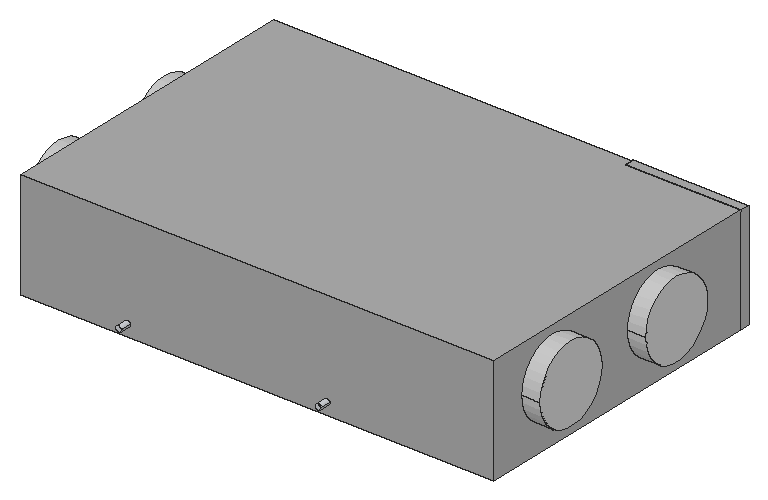
Revit family "BLAUBERG-KOMFORT_EC_DBE_550_Left", category Mechanical Equipment, Revit 2019
Family settings
  Round Connector Dimension = Use Diameter
  Classification = None
  Part Type = Normal
  OmniClass Number = 23.75.35.14
  OmniClass Title = Air Handling Units
  Work Plane-Based = No
  Always vertical = Yes
  Cut with Voids When Loaded = No
  Shared = No
  Room Calculation Point = No
Parameters (values of type "KOMFORT EC DBE 550 L S21")
  Weight = 67.00 kg
  LDrainCon = 28 mm
  Heater power = 2000 W
  Maximum Unit Power Without Electric Heater = 297 W
  Maximum Unit Current Without Electric Heater = 2.4 A
  Maximum Unit Current With Electric Heater = 11.1 A
  Heat Exchanger Material = "polystyrene"
  LDuctCon = 50 mm  # constant formula
  HDrainCon = 31 mm
  H = 280 mm
  Front Maintenance Zone Width = H  # 280 mm
  Front Maintenance Zone Length = L  # 1238 mm
  ElBoxB1 = 22 mm
  ElBoxB = 24 mm
  ElBoxL = 302 mm
  DrainPipe = yes
  DrainD = if(Drain Connection Diameter = 0 mm, 1 mm, Drain Connection Diameter)  # 14 mm
  Drain Flow [instance] = 0.0 L/s
  Drain Connection Diameter = 14 mm
  LDrainCon2 = 437 mm
  LDrainCon1 = 280 mm
  DPS_H = 170 mm
  DPS_L2 = 410 mm
  DPS_L1 = 145 mm
  B2 = 188 mm
  Air Flow Factor [instance] = 1  # constant formula
  B1 = 295 mm
  Air Flow Exhaust [instance] = 0 m³/h
  L = 1238 mm
  Voltage = 230 V
  URL = "https://blaubergventilatoren.de/en/product/komfort-ec-dbe-550-l-s21"
  Type Comments = "Air Handling Unit KOMFORT EC DBE 550 L S21"
  Transported Air Temperature (°C) = "-25…+40"
  Supply Air Filter = "G4 (F7 option)"
  Sound Pressure Level at 3 m (dBA) = 30
  SEC Class = "A"
  RPM (min-1) = 3100
  Power Factor = 1
  Power = Maximum Unit Power Without Electric Heater + Heater power  # 2297 W
  Number of Poles = 1
  Model = "KOMFORT EC DBE 550 L S21"
  Maximum Air Flow = 620 m³/h
  Manufacturer = "Blauberg"
  Maintenance Zone Material = Maintenance Zone
  Front Maintenance Zone Height = 850 mm
  Maintenance Zone [instance] = no
  Load Classification = HVAC
  B = 828 mm
  Heat recovery efficiency (%) = "78..90"
  Heat Exchanger Type = "counter-flow"
  H1 = 118 mm
  Metal Material = Metal Zinc
  Family Version = "1.0"  # constant formula
  Extract Air Filter = "G4"
  Duct Connection Diameter = 200 mm
  Description = "Air Handling Unit"
  D = Duct Connection Diameter  # 200 mm
  Current = Maximum Unit Current With Electric Heater  # 11.1 A
  Copyright = "©Blauberg"
  Casing Material = Painted Steel Gray
  Apparent Power [instance] = Power / Power Factor  # 2297 VA
  Air Flow Supply [instance] = 0 m³/h
Types (2, lengths in mm): name | Heat Exchanger Material | DrainPipe | DrainD | Drain Connection Diameter | URL | Type Comments | Model | Heat recovery efficiency (%)
  KOMFORT EC DBE 550 L S21 | "polystyrene" | yes | 14 | 14 | "https://blaubergventilatoren.de/en/product/komfort-ec-dbe-550-l-s21" | "Air Handling Unit KOMFORT EC DBE 550 L S21" | "KOMFORT EC DBE 550 L S21" | "78..90"
  KOMFORT EC DBE 550-E L S21 | "enthalpy" | no | 1 | 0 | "https://blaubergventilatoren.de/en/product/komfort-ec-dbe-550-e-l-s21" | "Air Handling Unit KOMFORT EC DBE 550-E L S21" | "KOMFORT EC DBE 550-E L S21" | "69..87"
Reference planes
  plane 1 "Center (Front/Back)": y = 0
  plane 2: z = 0
  plane 3 "Center (Left/Right)": x = 0
  plane 4 "Back": y = 414
  plane 5 "Front": y = -414
  plane 6 "L": x = -619
  plane 7 "R": x = 619
  plane 8 "DuctConB2": y = 119
  plane 9 "DuctConB1": y = -226
  plane 10: x = -669
  plane 11: x = 669
  plane 12 "Top": z = 118
  plane 13 "Bottom": z = -162
  plane 14 "DrainConH": z = -131
  plane 15 "DrainConL1": x = -339
  plane 16 "DrainConL2": x = 182
  plane 17 "S": y = -442
  plane 18 "ElBox": y = 392
  plane 19: y = 416
  plane 20: x = 317
  plane 21 "DPSL1": x = 209
  plane 22 "DPSL2": x = -474
  plane 23: z = -52
Forms (mm)
  Extrusion 1, solid, material "Painted Steel Gray" <- "Casing Material", detail levels medium+fine
    sketch origin (0, 0, 0) x (1, 0, 0) y (0, 1, 0)
      loop
        line (-619, 414) -> (-619, -414) -> (619, -414) -> (619, 392) -> (317, 392) -> (317, 414) -> (-619, 414)
    from -162 to 118
  Extrusion 2, solid, material "Metal Zinc" <- "Metal Material", detail levels medium+fine
    sketch origin (-619, 0, 0) x (0, 1, 0) y (0, 0, 1)
      loop
        circle (119, 0) r 100
      loop
        circle (-226, 0) r 100
    from 0 to -50
  Extrusion 3, solid, material "Metal Zinc" <- "Metal Material", detail levels medium+fine
    sketch origin (619, 0, 0) x (0, 1, 0) y (0, 0, 1)
      loop
        circle (119, 0) r 100
      loop
        circle (-226, 0) r 100
    from 0 to 50
  Extrusion 4, solid, visible <- "DrainPipe", detail levels medium+fine
    sketch origin (0, -414, 0) x (-1, 0, 0) y (0, 0, 1)
      loop
        circle (339, -131) r 7
    from 0 to -28
  Extrusion 5, solid, visible <- "DrainPipe", detail levels medium+fine
    sketch origin (0, -414, 0) x (-1, 0, 0) y (0, 0, 1)
      loop
        circle (-182, -131) r 7
    from 0 to -28
  Extrusion 6, solid, material "Painted Steel Gray" <- "Casing Material", detail levels medium+fine
    sketch origin (0, 0, 0) x (1, 0, 0) y (0, 1, 0)
      loop
        line (317, 416) -> (317, 392) -> (619, 392) -> (619, 416) -> (317, 416)
    from -162 to 118
Lines and regions (mm)
  model lines, detail levels coarse
    curve 1: line (-619, 414, 0) -> (619, 414, 0)
    curve 2: line (-619, -414, 0) -> (-619, 414, 0)
    curve 3: line (619, -414, 0) -> (-619, -414, 0)
    curve 4: line (619, 414, 0) -> (619, -414, 0)
    curve 5: line (-619, 119, 0) -> (-669, 119, 0)
    curve 6: line (-619, -226, 0) -> (-669, -226, 0)
    curve 7: line (619, -226, 0) -> (669, -226, 0)
    curve 8: line (619, 119, 0) -> (669, 119, 0)
Dimensions and locks
  equal spacing: plane 6 "L", plane 3 "Center (Left/Right)", plane 7 "R"
  "L": plane 6 "L" to plane 7 "R"
  equal spacing: plane 4 "Back", plane 1 "Center (Front/Back)", plane 5 "Front"
  "B": plane 4 "Back" to plane 5 "Front"
  "B1": plane 4 "Back" to plane 8 "DuctConB2"
  "B2": plane 9 "DuctConB1" to plane 5 "Front"
  "LDuctCon": plane 10 to plane 6 "L"
  "LDuctCon": plane 7 "R" to plane 11
  "H1": plane 12 "Top" to level
  "H": plane 12 "Top" to plane 13 "Bottom"
  "HDrainCon": plane 14 "DrainConH" to plane 13 "Bottom"
  "LDrainCon1": plane 6 "L" to plane 15 "DrainConL1"
  "LDrainCon2": plane 16 "DrainConL2" to plane 7 "R"
  "LDrainCon": plane 5 "Front" to plane 17 "S"
  "ElBoxB": plane 19 to plane 18 "ElBox"
  "ElBoxL": plane 20 to plane 7 "R"
  "DPS_L1": plane 6 "L" to plane 22 "DPSL2"
  "DPS_L2": plane 21 "DPSL1" to plane 7 "R"
  "DPS_H": plane 12 "Top" to plane 23
  "ElBoxB1": plane 4 "Back" to plane 18 "ElBox"
  "D": diameter of Extrusion 2 sketch curve  (x2)
  "D": diameter of Extrusion 3 sketch curve  (x2)
  "DrainD": diameter of Extrusion 4 sketch curve
  "DrainD": diameter of Extrusion 5 sketch curve
  aligned and locked: level to plane 2
  aligned and locked: Extrusion 1 sketch curve to plane 4 "Back"
  aligned and locked: plane 6 "L" to Extrusion 1 sketch curve
  aligned and locked: plane 5 "Front" to Extrusion 1 sketch curve
  aligned and locked: Extrusion 1 sketch curve to plane 7 "R"
  aligned and locked: plane 12 "Top" to Extrusion 1
  aligned and locked: Extrusion 1 to plane 13 "Bottom"
  aligned and locked: plane 11 to Extrusion 3
  aligned and locked: Extrusion 2 to plane 10
  aligned and locked: Extrusion 4 to plane 17 "S"
  aligned and locked: Extrusion 5 to plane 17 "S"
  aligned and locked: Extrusion 6 sketch curve to plane 19
  aligned and locked: plane 18 "ElBox" to Extrusion 6 sketch curve
  aligned and locked: Extrusion 6 sketch curve to plane 7 "R"
  aligned and locked: plane 12 "Top" to Extrusion 6
  aligned and locked: Extrusion 6 to plane 13 "Bottom"
  aligned and locked: plane 20 to Extrusion 6 sketch curve
  aligned and locked: plane 20 to Extrusion 1 sketch curve
  aligned and locked: plane 18 "ElBox" to Extrusion 1 sketch curve
  aligned and locked: nested 1 to plane 21 "DPSL1"
  aligned and locked: nested 1 to plane 23
  aligned and locked: nested 2 to plane 23
  aligned and locked: nested 2 to plane 22 "DPSL2"
  aligned and locked: nested 3 to plane 3 "Center (Left/Right)"
  aligned and locked: plane 12 "Top" to nested 3
  aligned and locked: curve 1 to nested 3
  aligned and locked: curve 3 to Extrusion 1
  aligned and locked: curve 4 to Extrusion 1
  aligned and locked: plane 10 to curve 5
  aligned and locked: plane 6 "L" to curve 5
  aligned and locked: plane 8 "DuctConB2" to curve 5
  aligned and locked: plane 10 to curve 6
  aligned and locked: plane 6 "L" to curve 6
  aligned and locked: plane 9 "DuctConB1" to curve 6
  aligned and locked: plane 11 to curve 7
  aligned and locked: plane 7 "R" to curve 7
  aligned and locked: curve 7 to plane 9 "DuctConB1"
  aligned and locked: plane 11 to curve 8
  aligned and locked: curve 8 to plane 8 "DuctConB2"
Automatic sketch dimensions
  Extrusion 2 sketch curve to level = 0 mm  (x2)
  Extrusion 2 sketch curve to plane 9 "DuctConB1" = 0 mm
  Extrusion 2 sketch curve to plane 8 "DuctConB2" = 0 mm
  Extrusion 3 sketch curve to level = 0 mm  (x2)
  Extrusion 3 sketch curve to plane 9 "DuctConB1" = 0 mm
  Extrusion 3 sketch curve to plane 8 "DuctConB2" = 0 mm
  Extrusion 4 sketch curve to plane 14 "DrainConH" = 0 mm
  Extrusion 4 sketch curve to plane 15 "DrainConL1" = 0 mm
  Extrusion 5 sketch curve to plane 14 "DrainConH" = 0 mm
  Extrusion 5 sketch curve to plane 16 "DrainConL2" = 0 mm
Nested families
  nested 1: "DPS" at (209, 414, -52) x (-1, 0, 0) z (0, 1, 0), type "DPS", detail levels medium+fine
  nested 2: "DPS" at (-474, 414, -52) x (-1, 0, 0) z (0, 1, 0), type "DPS", detail levels medium+fine
  nested 3: "MaintenanceZone_Rect" at (0, 414, -22) x (-1, 0, 0) z (0, -1, 0), visible <- "Maintenance Zone", type "Side", detail levels medium+fine
    with Maintenance Zone Width 280 mm, Maintenance Zone Length 1238 mm, Maintenance Zone Height 850 mm
Connectors
  electrical at (619, 404, -22), driven by "Number of Poles", driven by "Load Classification", driven by "Voltage", driven by "Apparent Power", driven by "Power Factor"
    settings: on Extrusion 6, index 1, voltage 230 V, apparent load 2297 VA, apparent load phase1 0 VA, apparent load phase2 0 VA, apparent load phase3 0 VA, power factor 1, load classification "HVAC", number of poles 1, system type 30, power factor state 1, is connector primary yes, connector utility no, sub classification motor no, connector description ""
  hvac at (669, -226, 0), driven by "Duct Connection Diameter", driven by "Air Flow Supply"
    settings: on Extrusion 3, index 2, duct flow 0 m³/h, flow factor 0, pres drop 0.0 Pa, loss coef 0, conn angle 0.00°, conn width 304.8 mm, conn height 304.8 mm, conn diameter 200 mm, duct sys type 1, conn prof type 0, flow config 0, flow direction 2, loss method 0, conn ref index -1, conn util no, is conn primary yes, conn desc "Supply Air"
  hvac at (669, 119, 0), driven by "Duct Connection Diameter", driven by "Air Flow Exhaust"
    settings: on Extrusion 3, index 3, duct flow 0 m³/h, flow factor 0, pres drop 0.0 Pa, loss coef 0, conn angle 0.00°, conn width 304.8 mm, conn height 304.8 mm, conn diameter 200 mm, duct sys type 3, conn prof type 0, flow config 0, flow direction 1, loss method 0, conn ref index -1, conn util no, is conn primary no, conn desc "Extract Air"
  hvac at (-669, 119, 0), driven by "Duct Connection Diameter", driven by "Air Flow Supply"
    settings: on Extrusion 2, index 4, duct flow 0 m³/h, flow factor 0, pres drop 0.0 Pa, loss coef 0, conn angle 0.00°, conn width 304.8 mm, conn height 304.8 mm, conn diameter 200 mm, duct sys type 1, conn prof type 0, flow config 1, flow direction 1, loss method 0, conn ref index -1, conn util no, is conn primary no, conn desc "Intake Air"
  hvac at (-669, -226, 0), driven by "Duct Connection Diameter", driven by "Air Flow Exhaust"
    settings: on Extrusion 2, index 5, duct flow 0 m³/h, flow factor 0, pres drop 0.0 Pa, loss coef 0, conn angle 0.00°, conn width 304.8 mm, conn height 304.8 mm, conn diameter 200 mm, duct sys type 3, conn prof type 0, flow config 1, flow direction 2, loss method 0, conn ref index -1, conn util no, is conn primary no, conn desc "Exhaust Air"
  piping at (-339, -442, -131), diameter 14, driven by "Drain Connection Diameter", driven by "Drain Flow"
    settings: on Extrusion 4, index 6, connector inside diameter 609.6 mm, connector length 0 mm, flow factor 0, pipe flow 0.0 L/s, pressure drop 0.0 Pa, fitting loss kfactor 0, connector angle 0.00°, fixture units 0, engagement length 0 mm, angle of deflection 0.00°, flow configuration 1, flow direction 2, fitting loss method 0, system type 16, joint type 0, gender type 0, connector reference index -1, connector utility 0, adjustable connector no, is connector primary yes, connector description ""
  piping at (182, -442, -131), diameter 14, driven by "Drain Connection Diameter", driven by "Drain Flow"
    settings: on Extrusion 5, index 7, connector inside diameter 609.6 mm, connector length 0 mm, flow factor 0, pipe flow 0.0 L/s, pressure drop 0.0 Pa, fitting loss kfactor 0, connector angle 0.00°, fixture units 0, engagement length 0 mm, angle of deflection 0.00°, flow configuration 1, flow direction 2, fitting loss method 0, system type 16, joint type 0, gender type 0, connector reference index -1, connector utility 0, adjustable connector no, is connector primary no, connector description ""
Definition of nested family "DPS"
  Parameters (values of type "DPS")
    W1 = 65 mm
    Thikness = 2 mm
    Material = none
    H1 = 47 mm
    Default Elevation = 1219.2 mm
  Reference planes
    plane 1 "Center (Front/Back)": y = 0
    plane 2: z = 0
    plane 3 "Center (Left/Right)": x = 0
    plane 4: z = 47
    plane 5: z = 51.5
    plane 6: z = 75.5
    plane 7: z = 78
    plane 8: z = 92
    plane 9: z = 86
    plane 10: x = -32.5
    plane 11: x = 32.5
    plane 12 "1": y = 50
    plane 13: y = 48
    plane 14: z = 45
    plane 15 "2": y = -22
    plane 16: z = 64
  Forms (mm)
    Revolve 1, solid, material <- "Material"
      sketch origin (0, 0, 0) x (1, 0, 0) y (0, 0, 1)
        loop
          line (-40.5, 47) -> (0, 47) -> (0, 92) -> (-31, 92) -> (-35, 86) -> (-35, 78) -> (-37.309, 78) -> (-37.309, 75.5) -> (-36, 75.5) -> (-36, 51.5) -> (-40.5, 51.5) -> (-40.5, 47)
        axis (0, 92) -> (0, 47)
      angle from 0 to 360
    Extrusion 2, solid, material <- "Material"
      sketch origin (0, 0, 0) x (0, 1, 0) y (0, 0, 1)
        loop
          line (50, 0) -> (50, 47) -> (0, 47) -> (0, 45) -> (48, 45) -> (48, 0) -> (50, 0)
      from -32.5 to 32.5
    Extrusion 3, solid, material <- "Material"
      sketch origin (0, 0, 0) x (0, 1, 0) y (0, 0, 1)
        loop
          circle (-22, 64) r 10
      from 0 to 50
  Cuts and joins
    joined: Revolve 1, Extrusion 3
  Dimensions and locks
    locked: plane 5 to plane 4 at 4.5
    locked: plane 6 to plane 5 at 24
    locked: plane 7 to plane 6 at 2.5
    locked: plane 8 to plane 9 at 6
    locked: plane 9 to plane 7 at 8
    "H1": plane 4 to level
    equal spacing: plane 11, plane 3 "Center (Left/Right)", plane 10
    "W1": plane 11 to plane 10
    "Thikness": plane 4 to plane 14
    "Thikness": plane 12 "1" to plane 13
    locked: plane 1 "Center (Front/Back)" to plane 12 "1" at 50
    locked: plane 15 "2" to plane 1 "Center (Front/Back)" at 22
    plane 16 to plane 4 = 17 mm
    aligned and locked: level to plane 2
    aligned and locked: Revolve 1 sketch curve to plane 3 "Center (Left/Right)"  (x2)
    aligned and locked: plane 6 to Revolve 1 sketch curve
    aligned and locked: plane 7 to Revolve 1 sketch curve
    aligned and locked: plane 5 to Revolve 1 sketch curve
    aligned and locked: plane 8 to Revolve 1 sketch curve
    aligned and locked: Extrusion 2 sketch curve to plane 13
    aligned and locked: plane 14 to Extrusion 2 sketch curve
    aligned and locked: Extrusion 2 sketch curve to plane 1 "Center (Front/Back)"
    aligned and locked: Extrusion 2 to plane 10
    aligned and locked: plane 11 to Extrusion 2
  Automatic sketch dimensions
    Revolve 1 sketch curve to plane 4 = 0 mm
    Revolve 1 sketch curve to plane 9 = 0 mm
    Revolve 1 sketch curve to plane 3 "Center (Left/Right)" = 31 mm
    Revolve 1 sketch curve to Revolve 1 sketch curve = 4 mm
    Revolve 1 sketch curve to Revolve 1 sketch curve = 1 mm
    Revolve 1 sketch curve to Revolve 1 sketch curve = 1.309 mm
    Revolve 1 sketch curve to Revolve 1 sketch curve = 4.5 mm
    Revolve 1 sketch curve to Revolve 1 sketch curve = 27.818 mm
    Revolve 1 sketch curve to Revolve 1 sketch curve = 2.182 mm
    Extrusion 2 sketch curve to level = 0 mm
    Extrusion 2 sketch curve to plane 12 "1" = 0 mm
    Extrusion 2 sketch curve to plane 4 = 0 mm
    Extrusion 3 sketch curve to plane 15 "2" = 0 mm
    Extrusion 3 sketch curve to plane 16 = 0 mm
    radius of Extrusion 3 sketch curve = 10 mm
Definition of nested family "MaintenanceZone_Rect"
  Parameters (values of type "MaintenanceZone_Rect")
    Maintenance Zone Width = 500 mm
    Material = none
    Maintenance Zone Length = 1000 mm
    Maintenance Zone Height = 300 mm
    Family Version = ""
    Default Elevation = 1219.2 mm
    Copyright = ""
  Reference planes
    plane 1 "Center (Front/Back)": y = 0
    plane 2: z = 0
    plane 3 "Center (Left/Right)": x = 0
    plane 4: x = -500
    plane 5: x = 500
    plane 6: y = 250
    plane 7: y = -250
    plane 8: z = -300
  Forms (mm)
    Extrusion 1, solid, material <- "Material", detail levels medium+fine
      sketch origin (0, 0, 0) x (1, 0, 0) y (0, 1, 0)
        loop
          line (-500, 250) -> (-500, -250) -> (500, -250) -> (500, 250) -> (-500, 250)
      from 0 to -300
  Lines and regions (mm)
    symbolic lines, detail levels medium+fine
      curve 1: line (-500, 0, 0) -> (500, 0, 0)
      curve 2: line (-500, 0, -300) -> (-500, 0, 0)
      curve 3: line (500, 0, -300) -> (-500, 0, -300)
      curve 4: line (500, 0, 0) -> (500, 0, -300)
      curve 5: line (0, 250, 0) -> (0, -250, 0)
      curve 6: line (0, 250, -300) -> (0, 250, 0)
      curve 7: line (0, -250, -300) -> (0, 250, -300)
      curve 8: line (0, -250, 0) -> (0, -250, -300)
      curve 9: line (-500, 250, 0) -> (500, 250, 0)
      curve 10: line (-500, -250, 0) -> (-500, 250, 0)
      curve 11: line (500, -250, 0) -> (-500, -250, 0)
      curve 12: line (500, 250, 0) -> (500, -250, 0)
  Dimensions and locks
    equal spacing: plane 6, plane 1 "Center (Front/Back)", plane 7
    equal spacing: plane 4, plane 3 "Center (Left/Right)", plane 5
    "Maintenance Zone Width": plane 6 to plane 7
    "Maintenance Zone Length": plane 4 to plane 5
    "Maintenance Zone Height": plane 2 to plane 8
    aligned and locked: level to plane 2
    aligned and locked: Extrusion 1 sketch curve to plane 6
    aligned and locked: plane 4 to Extrusion 1 sketch curve
    aligned and locked: plane 7 to Extrusion 1 sketch curve
    aligned and locked: Extrusion 1 sketch curve to plane 5
    aligned and locked: Extrusion 1 to plane 8
    aligned and locked: curve 1 to Extrusion 1
    aligned and locked: curve 2 to Extrusion 1
    aligned and locked: curve 3 to Extrusion 1
    aligned and locked: curve 4 to Extrusion 1
    aligned and locked: curve 5 to Extrusion 1
    aligned and locked: curve 6 to Extrusion 1
    aligned and locked: curve 7 to Extrusion 1
    aligned and locked: curve 8 to Extrusion 1
    aligned and locked: curve 9 to Extrusion 1
    aligned and locked: curve 10 to Extrusion 1
    aligned and locked: curve 11 to Extrusion 1
    aligned and locked: curve 12 to Extrusion 1
